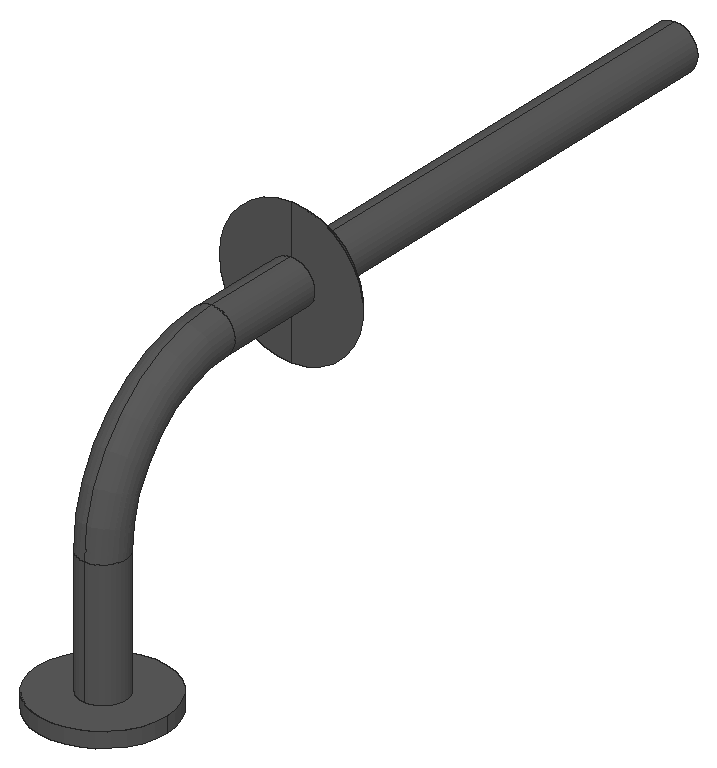
Revit family "Toilet_Paper_Holder-Double-Grohe-Essentials-41078_Series", category Specialty Equipment, host Face, Revit 2019
Family settings
  Host = Face
  Round Connector Dimension = Use Diameter
  Part Type = Normal
  OmniClass Number = 23.40.20.21
  OmniClass Title = Toilet and Bath Specialties
  Cut with Voids When Loaded = No
  Shared = Yes
  Room Calculation Point = No
Parameters (values of type "410782431")
  URL = "https://www.grohe.us/"
  Type Comments = ""
  Length = 4 9/16"
  Height = 12 3/16"
  Disc Diameter = 2 1/8"
  Product Page URL = "https://www.grohe.us/Toilet-Paper-Holders/Essentials-Double-Toilet-Paper-Holder/MATTE-BLACK-410782431"
  Model = "410782431"
  Material = "Metal-Grohe-2431-Matte Black"
  Manufacturer = "Grohe"
  Installation Type = "Wall Mounted"
  Finish = Metal-Grohe-2431-Matte Black
  Description = "Essentials Double Toilet Paper Holder"
  Default Elevation = 0"
  Creation Date = "10/25/2022"  # constant formula
  Assembly Code = "C1030200"
Types (6): name | Model | Material | Finish
  (no name) | "410782431" | "Metal-Grohe-2431-Matte Black" | Metal-Grohe-2431-Matte Black
  410782431 | "410782431" | "Metal-Grohe-2431-Matte Black" | Metal-Grohe-2431-Matte Black
  41078000 | "41078000" | "Metal-Grohe-000-StarLight Chrome" | Metal-Grohe-000-StarLight Chrome
  41078A00 | "41078A00" | "Brass-Grohe-A00-Hard Graphite" | Brass-Grohe-A00-Hard Graphite
  41078EN0 | "41078EN0" | "Metal-Grohe-EN0-Brushed Nickel Infinity Finish" | Metal-Grohe-EN0-Brushed Nickel Infinity Finish
  41078GN0 | "41078GN0" | "Metal-Grohe-GN0-Brushed Cool Sunrise" | Metal-Grohe-GN0-Brushed Cool Sunrise
Reference planes (in)
  plane 1 "Center (Front/Back)": y = 0
  plane 2: z = 0
  plane 3 "Center (Left/Right)": x = 0
  plane 4: x = -0.375
  plane 5: x = 5.25
  plane 6: x = -5.25
  plane 7: x = 0.375
  plane 8: z = 4.5625
  plane 9: y = 1.0625
  plane 10: y = -1.0625
  plane 11: y = 11.75
  plane 12: z = 0.25
Forms (in)
  Extrusion 1, solid, material "Metal-Grohe-2431-Matte Black" <- "Finish"
    sketch origin (0, 0, 0) x (1, 0, 0) y (0, 1, 0)
      loop
        circle (0, 0) r 1.0625
    from 0 to 0.25
  Sweep 2, solid, material "Metal-Grohe-2431-Matte Black" <- "Finish"
    path origin (0, 3.81803, 0) x (0, -1, 0) y (0, 0, 1)
      loop
        line (3.81803, 0) -> (3.81803, 2.3125)
        arc (3.81803, 2.3125) -> (3.15902, 3.90349) -> (1.56803, 4.5625) r 2.25
        line (1.56803, 4.5625) -> (-7.93197, 4.5625)
    profile origin (0, 0, 1.15625) x (0, 1, 0) y (-1, 0, 0)
      loop
        circle (0, 0) r 0.375
  Revolve 3, solid, material "Metal-Grohe-2431-Matte Black" <- "Finish"
    sketch origin (0, 13.24979, 0) x (0, 1, 0) y (0, 0, -1)
      loop
        line (-9.37479, -4.5625) -> (-9.37479, -5.74602)
        arc (-9.37479, -5.74602) -> (-9.28297, -5.64361) -> (-9.24979, -5.51012) r 0.2851
        line (-9.24979, -5.51012) -> (-9.24979, -4.5625) -> (-9.37479, -4.5625)
      axis (-9.24979, -4.5625) -> (-9.37479, -4.5625)
    angle from 0 to 360
Lines and regions (in)
  Masking region 1
    outline origin (23.96867, 11.9375, 0) x (1, 0, 0) y (0, 0, -1)
      loop
        line (-23.59737, -3.43873) -> (-23.59737, -0.25) -> (-22.90617, -0.25) -> (-22.90617, 0) -> (-25.03117, 0) -> (-25.03117, -0.25) -> (-24.33998, -0.25) -> (-24.33998, -3.43873)
        arc (-24.33998, -3.43873) -> (-23.96867, -5.74602) -> (-23.59737, -3.43873) r 1.18352
  symbolic lines, detail levels medium+fine
    curve 1: circle (0, 11.9375, 4.5625) r 0.375 normal (0, -1, 0)
    curve 3: line (-1.0625, 11.9375, 0.25) -> (1.0625, 11.9375, 0.25)
  symbolic lines, detail levels fine
    curve 2: arc (-0.37131, 11.9375, 3.43873) -> (0, 11.9375, 3.37898) -> (0.37131, 11.9375, 3.43873) r 1.18352
Dimensions and locks (in)
  equal spacing: plane 6, plane 3 "Center (Left/Right)", plane 5
  plane 6 to plane 5 = 10 1/2"
  plane 3 "Center (Left/Right)" to plane 4 = 3/8"
  equal spacing: plane 4, plane 3 "Center (Left/Right)", plane 7
  plane 4 to plane 7 = 3/4"
  plane 9 to plane 10 = 2 1/8"
  equal spacing: plane 9, plane 1 "Center (Front/Back)", plane 10
  plane 8 to host face = 4 9/16"
  plane 11 to plane 10 = 12 13/16"
  plane 12 to host face = 1/4"
  diameter of Extrusion 1 sketch curve = 2 1/8"
  aligned and locked: plane 2 to host face
  aligned and locked: level to host face
  aligned and locked: plane 3 "Center (Left/Right)" to Extrusion 1 sketch curve
  aligned and locked: plane 1 "Center (Front/Back)" to Extrusion 1 sketch curve
  aligned and locked: Revolve 3 sketch curve to plane 8
  aligned and locked: plane 12 to Extrusion 1
Automatic sketch dimensions
  host sketch curve to host sketch curve = 96"
  host sketch curve to host sketch curve = 118"
  Sweep 2 sketch curve to plane 8 = 0"
  Sweep 2 sketch curve to plane 11 = 0"
  Sweep 2 sketch curve to plane 1 "Center (Front/Back)" = 0"
  Sweep 2 sketch curve to level = 0"
  Sweep 2 sketch curve to plane 9 = 1 3/16"
  profile plane to Sweep 2 sketch curve = 0"
  Sweep 2 sketch curve to profile plane = 0"
  Revolve 3 sketch curve to Revolve 3 sketch curve = 0.1601"
  Revolve 3 sketch curve to Revolve 3 sketch curve = 1/8"
  Revolve 3 sketch curve to Revolve 3 sketch curve = 0"
  Revolve 3 sketch curve to Revolve 3 sketch curve = 0.94762"
  Revolve 3 sketch curve to Revolve 3 sketch curve = 9/16"
  Revolve 3 sketch curve to Revolve 3 sketch curve = 2 1/16"
  Revolve 3 sketch curve to plane 9 = 2.6524"
  Masking region 1 sketch curve to level = 0"
  Masking region 1 sketch curve to plane 12 = 0"  (x2)
  Masking region 1 sketch curve to plane 3 "Center (Left/Right)" = 0"
  Masking region 1 sketch curve to plane 8 = 0"
  plane 4 to Masking region 1 sketch curve = 0.00369"
  Masking region 1 sketch curve to plane 4 = 11/16"
  plane 7 to Masking region 1 sketch curve = 0.00369"
  Masking region 1 sketch curve to plane 7 = 11/16"
  Masking region 1 sketch curve to plane 8 = 1.12377"
  curve 1 to curve 2 = 0"  (x2)
  curve 3 to plane 12 = 0"
  curve 2 to plane 3 "Center (Left/Right)" = 0"
  curve 2 to plane 8 = 0"
  plane 4 to curve 2 = 0.00369"
  curve 3 to plane 4 = 11/16"
  plane 7 to curve 2 = 0.00369"
  curve 3 to plane 7 = 11/16"
  curve 2 to plane 8 = 1.12377"
  radius of Sweep 2 sketch curve = 3/8"
  radius of curve 1 = 3/8"
